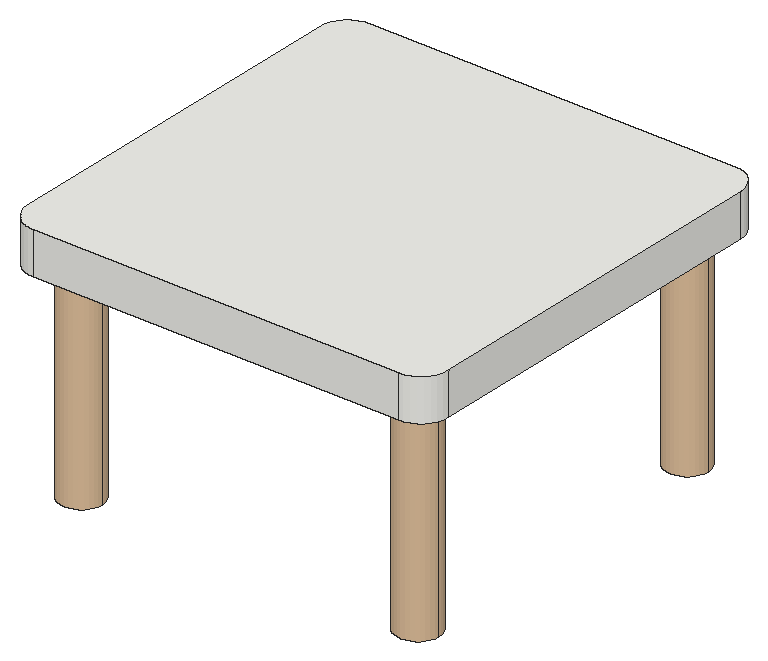
Revit family "M_Mesa-Extremidade", category Mobiliário, Revit 2019
Family settings
  Número OmniClass = 23.40.20.14.17
  Título OmniClass = Residential Tables and Cabinets
  ID de item do Seek = Table-End-0000-CAN-ENU
  Com base no plano de trabalho = Não
  Sempre na vertical = Sim
  Corte com vazios quando carregada = Não
  Compartilhado = Sim
  Ponto de cálculo do ambiente = Não
Parameters (values of type "0762 x 0762mm")
  Material base = Bétula
  Altura = 457.00 mm
  Comprimento = 762.00 mm
  Material superior = Laminado - Marfim, Fosco
  Largura = 762.00 mm
Types (4, lengths in mm): name | Altura | Comprimento | Largura
  (no name) | 457.00 | 762.00 | 762.00
  0610 x 0160mm | 762.00 | 610.00 | 610.00
  0762 x 0762mm | 457.00 | 762.00 | 762.00
  0610 x 0915mm | 762.00 | 610.00 | 915.00
Reference planes
  plane 1: y = 152.4
  plane 2: z = 0
  plane 3 "Esquerda": x = 3.734
  plane 4 "Direita": x = 765.734
  plane 5 "Parte posterior": y = 533.4
  plane 6 "Parte frontal": y = -228.6
  plane 7: x = 384.734
Forms (mm)
  Extrusion 1, solid, material "Laminado - Marfim, Fosco" <- "Material superior"
    sketch origin (0, 0, 0) x (1, 0, 0) y (0, 1, 0)
      loop
        line (54.534, -228.6) -> (714.934, -228.6)
        arc (714.934, -228.6) -> (750.855, -213.721) -> (765.734, -177.8) r 50.8
        line (765.734, -177.8) -> (765.734, 482.6)
        arc (765.734, 482.6) -> (750.855, 518.521) -> (714.934, 533.4) r 50.8
        line (714.934, 533.4) -> (54.534, 533.4)
        arc (54.534, 533.4) -> (18.613, 518.521) -> (3.734, 482.6) r 50.8
        line (3.734, 482.6) -> (3.734, -177.8)
        arc (3.734, -177.8) -> (18.613, -213.721) -> (54.534, -228.6) r 50.8
    from 380.8 to 457
  Extrusion 2, solid, material "Bétula" <- "Material base"
    sketch origin (0, 0, 0) x (1, 0, 0) y (0, 1, 0)
      loop
        circle (79.934, 457.2) r 38.1
      loop
        circle (79.934, -152.4) r 38.1
      loop
        circle (689.534, -152.4) r 38.1
      loop
        circle (689.534, 457.2) r 38.1
    from 0 to 380.8
Lines and regions (mm)
  Masking region 1
    outline origin (0, 0, 0) x (1, 0, 0) y (0, 1, 0)
      loop
        arc (54.534, 533.4) -> (18.613, 518.521) -> (3.734, 482.6) r 50.8
        line (3.734, 482.6) -> (3.734, -177.8)
        arc (3.734, -177.8) -> (18.613, -213.721) -> (54.534, -228.6) r 50.8
        line (54.534, -228.6) -> (714.934, -228.6)
        arc (714.934, -228.6) -> (750.855, -213.721) -> (765.734, -177.8) r 50.8
        line (765.734, -177.8) -> (765.734, 482.6)
        arc (765.734, 482.6) -> (750.855, 518.521) -> (714.934, 533.4) r 50.8
        line (714.934, 533.4) -> (54.534, 533.4)
Dimensions and locks
  locked: Extrusion 1 to Extrusion 1 at 76.2
  "Altura": Extrusion 1 to plane 2
  locked: Extrusion 1 to Extrusion 2 sketch curve at 76.2  (x8)
  "Largura": plane 5 "Parte posterior" to plane 6 "Parte frontal"
  "Comprimento": plane 3 "Esquerda" to plane 4 "Direita"
  equal spacing: plane 5 "Parte posterior", plane 1, plane 6 "Parte frontal"
  equal spacing: plane 3 "Esquerda", plane 7, plane 4 "Direita"
  radius of Extrusion 1 sketch curve = 50.80 mm  (x4)
  aligned and locked: plane 2 to level
  aligned and locked: plane 6 "Parte frontal" to Extrusion 1 sketch curve
  aligned and locked: Extrusion 2 to Extrusion 1
  aligned and locked: Masking region 1 sketch curve to plane 5 "Parte posterior"
  aligned and locked: plane 3 "Esquerda" to Masking region 1 sketch curve
  aligned and locked: plane 4 "Direita" to Masking region 1 sketch curve
  aligned and locked: Masking region 1 sketch curve to plane 6 "Parte frontal"
  aligned: Masking region 1 sketch curve to Extrusion 1
Automatic sketch dimensions
  Extrusion 2 sketch curve to Extrusion 2 sketch curve = 38.10 mm  (x4)
  Extrusion 1 sketch curve to plane 3 "Esquerda" = 0.00 mm
  Extrusion 1 sketch curve to plane 4 "Direita" = 0.00 mm
  Extrusion 1 sketch curve to plane 5 "Parte posterior" = 0.00 mm
  plane 3 "Esquerda" to Masking region 1 sketch curve = 50.80 mm  (x2)
  plane 4 "Direita" to Masking region 1 sketch curve = 50.80 mm  (x2)
